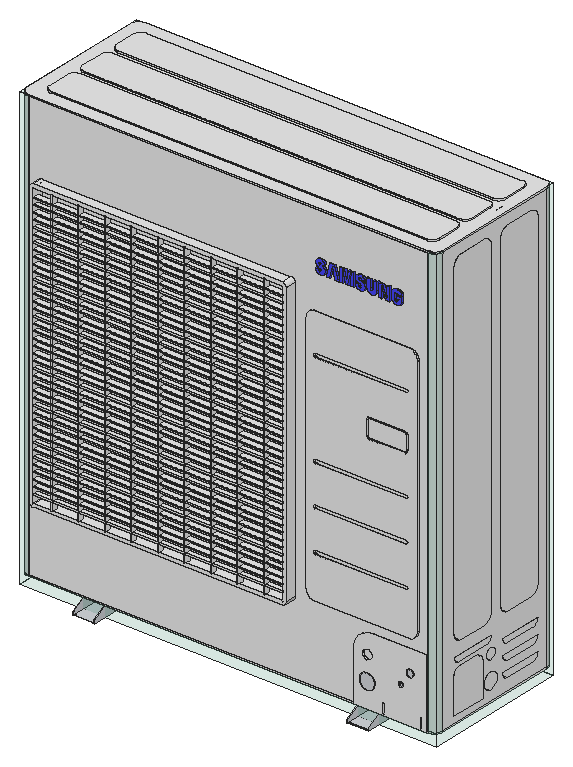
Revit family "EU_SINGLE_ODU_UB1_Ver.1.1", category Mechanical Equipment, Revit 2016
Family settings
  Part Type = Normal
  Round Connector Dimension = Use Radius
  Work Plane-Based = No
  Always vertical = Yes
  Cut with Voids When Loaded = No
  Shared = No
  Room Calculation Point = No
Parameters (values of type "Single Heat Pump, 10.0kW, 380-415, R32, AC100RNTDKG/EU")
  Water Flow Rate(HEATING) [instance] = ""
  Water Flow Rate(COOLING) [instance] = ""
  Water Connection Radius [instance] = ""
  Voltage [instance] = "220 V"
  URL = "www.samsung.com"
  Total Heating Capacity [instance] = 10.8 kW
  Total Cooling Capacity [instance] = 9.5 kW
  System Served = "-"
  Subscribe for Update Alerts = "-"
  Sound Pressure(Cooling) [instance] = "52.00 dB(A)"
  Sound Power(Cooling) [instance] = "69.00 dB(A)"
  Simultaneous Cooling and Heating Efficiency(SCOP) [instance] = "4.0 SCOP"
  Serial Number = "-"
  Sales Rep Locator = "-"
  Refrigerant Type = "R57"
  Refrigerant Suction Gas Connection Radius [instance] = Refrigerant Suction Gas Connection Diameter / 2  # 7.94 mm
  Refrigerant Suction Gas Connection Offset Left [instance] = 57.718 mm
  Refrigerant Suction Gas Connection Offset Bottom [instance] = 107.236 mm
  Refrigerant Suction Gas Connection Diameter [instance] = 15.88 mm
  Refrigerant Liquid Connection Radius [instance] = Refrigerant Liquid Connection Diameter / 2  # 4.76 mm
  Refrigerant Liquid Connection Offset Left [instance] = 78.473 mm
  Refrigerant Liquid Connection Offset Bottom [instance] = 77.701 mm
  Refrigerant Liquid Connection Diameter [instance] = 9.52 mm
  Refrigerant High Pressure Gas Connection Radius [instance] = Refrigerant High Pressure Gas Connection Diameter / 2  # 0.00 mm
  Refrigerant High Pressure Gas Connection Offset Bottom [instance] = 0.00 mm
  Refrigerant High Pressure Gas Connection Left [instance] = 0.00 mm
  Refrigerant High Pressure Gas Connection Diameter [instance] = 0.00 mm
  Refrigerant Charge [instance] = 2.70 kg
  Product Page URL = "-"
  Product Name [instance] = "Single"
  Product Documentation Link = "-"
  Power Input Heationg [instance] = 3.62 kW
  Power Input Cooling [instance] = 3.62 kW
  Power Connection Offset Left [instance] = 154.432 mm
  Power Connection Offset Bottom [instance] = 57.196 mm
  Phase [instance] = 1
  Operating Mode [instance] = "Heat Pump"
  Number of poles [instance] = "-"
  Notes = "-"
  Net Weight = 72.00 kg
  Net Dimensions Width [instance] = 940.00 mm
  Net Dimensions Height [instance] = 998.00 mm
  Net Dimensions Depth [instance] = 330.00 mm
  Model/Referance Indoor Unit [instance] = "AC100RNTDKG/EU"
  Model = "AC100RXADNG/EU"
  Minimum Circuit Ampere(MCA) [instance] = 17.7 A
  Maximum Vertical Refrigerant Pipe Length Below Unit [instance] = 30.00 mm
  Maximum Vertical Refrigerant Pipe Length Above Unit [instance] = 30.00 mm
  Maximum Rated Over Protection Device [instance] = "Fuse"
  Maximum Over Protection(MFA) [instance] = 17.7 A
  Max OperationPressure [instance] = ""
  Manufacturer Metadata = "-"
  Manufacturer = "SAMSUNG"
  Low Temperature Heating Standard Rating Capacity [instance] = 0 kW
  Low Temperature Coefficient of Performance [instance] = "-"
  Location = "-"
  Length of Interconnecting Refrigerant Pipe [instance] = 0.00 mm
  Integrated Energy Efficiency Ratio(SEER) [instance] = "5.9 SEER"
  High Temperature Cooling Standard Rating Capacity [instance] = 0 kW
  High Temperature Coefficient of Performance [instance] = "-"
  Friction Head Loss [instance] = ""
  Frequency [instance] = "50 Hz"
  Free Content Downloads = "-"
  Fan Grill Length = 580.00 mm
  Fan Grill Height = 653.882 mm
  Family Load Status [instance] = "Valid - Type loaded via type catalog"
  External Static Pressure [instance] = "0.00 mmAq"
  Equipment Finish [instance] = Earth brown
  Energy Efficiency Rating [instance] = "2.62 EER"
  Discharge Air Flow [instance] = "72.00 CMM"
  Designation = ""
  Design Ambient Winter Wet Bulb Temperature [instance] = 6 °C
  Design Ambient Winter Dry Bulb Temperature [instance] = 7 °C
  Design Ambient Summer Dry Bulb Temperature [instance] = 35 °C
  Current Input Heating [instance] = 5.7 A
  Current Input Cooling [instance] = 5.7 A
  Condenser Type [instance] = ""
  Compressor Type [instance] = "Twin BLDC Rotary"
  Combination Ratio [instance] = "0 %"
  Coefficient of Performance [instance] = "2.98 COP"
  Clearance Value Instructions [instance] = "Enter clearance values based on project installation conditions using the relevant technical data book"
  Clearance Type [instance] = Include Clearance : Include Clearance
  Clearance Offset Top [instance] = 0.00 mm
  Clearance Offset Right [instance] = 0.00 mm
  Clearance Offset Left [instance] = 0.00 mm
  Clearance Offset Front [instance] = 0.00 mm
  Clearance Offset Back [instance] = 0.00 mm
  Actual Vertical Refrigerant Pipe Length Below Unit [instance] = 0.00 mm
  Actual Vertical Refrigerant Pipe Length Above Unit [instance] = 0.00 mm
Reference planes
  plane 1 "Center (Front/Back)": y = 0
  plane 2 "base": z = 0
  plane 3 "Center (Left/Right)": x = 0
  plane 4: x = -470
  plane 5: x = 470
  plane 6: y = 165
  plane 7: y = -165
  plane 8: z = 998
  plane 9: z = 24.304
  plane 10: x = -429.611
  plane 11: z = 184.256
  plane 12: z = 838.138
  plane 13: x = 150.389
  plane 14: x = -139.611
  plane 15: z = 511.197
  plane 16: x = 315.5
  plane 17: z = 81.5
  plane 18: x = 391.527
  plane 19: z = 102.005
  plane 20: x = 412.282
  plane 21: z = 131.54
  plane 22: y = 64.174
  plane 23: y = 129.945
  plane 24: x = -140.14
  plane 25: y = 129.945
  plane 26: x = 77.697
  plane 27: x = 450.95
  plane 28: x = -450.95
  plane 29: y = 145.95
  plane 30: y = -145.95
Forms (mm)
  Extrusion 1, solid
    sketch origin (0, 0, 0) x (1, 0, 0) y (0, 0, 1)
      loop
        circle (315.473, 81.5) r 17.25
    from 167.581 to 0
  Extrusion 2, solid
    sketch origin (0, 0, 0) x (1, 0, 0) y (0, 0, 1)
      loop
        circle (391.527, 102.005) r 4.76
    from 167.581 to 0
  Extrusion 3, solid
    sketch origin (0, 0, 0) x (1, 0, 0) y (0, 0, 1)
      loop
        circle (412.282, 131.54) r 7.94
    from 167.581 to 0
  Extrusion 4, solid, material "Ivory"
    sketch origin (0, -180, 0) x (-1, 0, 0) y (0, 0, 1)
      loop
        arc (-404.473, 705.26) -> (-408.968, 700.765) -> (-404.473, 696.27) r 4.495
        line (-404.473, 696.27) -> (-200.2, 696.27)
        arc (-200.2, 696.27) -> (-195.705, 700.765) -> (-200.2, 705.26) r 4.495
        line (-200.2, 705.26) -> (-404.473, 705.26)
      loop
        arc (-404.473, 490.23) -> (-408.968, 485.735) -> (-404.473, 481.24) r 4.495
        line (-404.473, 481.24) -> (-200.2, 481.24)
        arc (-200.2, 481.24) -> (-195.705, 485.735) -> (-200.2, 490.23) r 4.495
        line (-200.2, 490.23) -> (-404.473, 490.23)
      loop
        arc (-404.473, 398.24) -> (-408.968, 393.745) -> (-404.473, 389.251) r 4.495
        line (-404.473, 389.251) -> (-200.2, 389.251)
        arc (-200.2, 389.251) -> (-195.705, 393.745) -> (-200.2, 398.24) r 4.495
        line (-200.2, 398.24) -> (-404.473, 398.24)
      loop
        arc (-404.473, 306.251) -> (-408.968, 301.756) -> (-404.473, 297.261) r 4.495
        line (-404.473, 297.261) -> (-200.2, 297.261)
        arc (-200.2, 297.261) -> (-195.705, 301.756) -> (-200.2, 306.251) r 4.495
        line (-200.2, 306.251) -> (-404.473, 306.251)
      loop
        line (-322.243, 618.283) -> (-402.197, 618.283)
        arc (-402.197, 618.283) -> (-406.985, 616.3) -> (-408.968, 611.513) r 6.77
        line (-408.968, 611.513) -> (-408.968, 580.09)
        arc (-408.968, 580.09) -> (-406.967, 575.261) -> (-402.137, 573.26) r 6.83
        line (-402.137, 573.26) -> (-322.17, 573.26)
        arc (-322.17, 573.26) -> (-317.47, 575.207) -> (-315.523, 579.907) r 6.647
        line (-315.523, 579.907) -> (-315.523, 611.563)
        arc (-315.523, 611.563) -> (-317.491, 616.315) -> (-322.243, 618.283) r 6.72
      loop
        arc (-402.197, 614.5) -> (-404.319, 613.621) -> (-405.197, 611.5) r 3
        line (-405.197, 611.5) -> (-405.197, 580)
        arc (-405.197, 580) -> (-404.319, 577.879) -> (-402.197, 577) r 3
        line (-402.197, 577) -> (-322.224, 577)
        arc (-322.224, 577) -> (-320.103, 577.879) -> (-319.224, 580) r 3
        line (-319.224, 580) -> (-319.224, 611.5)
        arc (-319.224, 611.5) -> (-320.103, 613.621) -> (-322.224, 614.5) r 3
        line (-322.224, 614.5) -> (-402.197, 614.5)
      loop
        arc (-409.973, 789.17) -> (-424.277, 783.245) -> (-430.202, 768.941) r 20.229
        line (-430.202, 768.941) -> (-430.202, 222.831)
        arc (-430.202, 222.831) -> (-424.277, 208.527) -> (-409.973, 202.602) r 20.229
        line (-409.973, 202.602) -> (-197.7, 202.602)
        arc (-197.7, 202.602) -> (-183.71, 208.396) -> (-177.915, 222.386) r 19.785
        line (-177.915, 222.386) -> (-177.915, 769.386)
        arc (-177.915, 769.386) -> (-183.71, 783.376) -> (-197.7, 789.17) r 19.785
        line (-197.7, 789.17) -> (-409.973, 789.17)
    from 12.419 to 15
  Extrusion 5, solid
    sketch origin (0, 0, 0) x (0, 1, 0) y (0, 0, 1)
      loop
        line (-192.236, 0) -> (192.236, 0) -> (192.236, 6.35) -> (158.469, 24.304) -> (-158.469, 24.304) -> (-192.236, 6.35) -> (-192.236, 0)
    from 339.973 to 338.373
  Extrusion 6, solid
    sketch origin (-48.4, 0, 0) x (0, 1, 0) y (0, 0, 1)
      loop
        line (-192.236, 0) -> (192.236, 0) -> (192.236, 6.35) -> (158.469, 24.304) -> (-158.469, 24.304) -> (-192.236, 6.35) -> (-192.236, 0)
    from 339.973 to 338.373
  Extrusion 7, solid
    sketch origin (0, 0, 0) x (1, 0, 0) y (0, 1, 0)
      loop
        line (291.573, -192.236) -> (338.373, -192.236) -> (338.373, 192.236) -> (291.573, 192.236) -> (291.573, -192.236)
    from 1.6 to 0
  Extrusion 8, solid, material "Ivory"
    sketch origin (0, 0, 0) x (1, 0, 0) y (0, 1, 0)
      loop
        arc (-439.786, 68.327) -> (-435.071, 56.943) -> (-423.687, 52.227) r 16.1
        line (-423.687, 52.227) -> (423.687, 52.227)
        arc (423.687, 52.227) -> (435.071, 56.943) -> (439.786, 68.327) r 16.1
        line (439.786, 68.327) -> (439.786, 118.408)
        arc (439.786, 118.408) -> (435.071, 129.793) -> (423.687, 134.508) r 16.1
        line (423.687, 134.508) -> (-423.687, 134.508)
        arc (-423.687, 134.508) -> (-435.071, 129.793) -> (-439.786, 118.408) r 16.1
        line (-439.786, 118.408) -> (-439.786, 68.327)
      loop
        arc (-439.786, -25.401) -> (-435.071, -36.786) -> (-423.687, -41.501) r 16.1
        line (-423.687, -41.501) -> (423.687, -41.501)
        arc (423.687, -41.501) -> (435.071, -36.786) -> (439.786, -25.401) r 16.1
        line (439.786, -25.401) -> (439.786, 24.653)
        arc (439.786, 24.653) -> (435.071, 36.037) -> (423.687, 40.753) r 16.1
        line (423.687, 40.753) -> (-423.687, 40.753)
        arc (-423.687, 40.753) -> (-435.071, 36.037) -> (-439.786, 24.653) r 16.1
        line (-439.786, 24.653) -> (-439.786, -25.401)
      loop
        arc (-439.786, -119.157) -> (-435.071, -130.541) -> (-423.687, -135.256) r 16.1
        line (-423.687, -135.256) -> (423.687, -135.256)
        arc (423.687, -135.256) -> (435.071, -130.541) -> (439.786, -119.157) r 16.1
        line (439.786, -119.157) -> (439.786, -69.075)
        arc (439.786, -69.075) -> (435.071, -57.691) -> (423.687, -52.975) r 16.1
        line (423.687, -52.975) -> (-423.687, -52.975)
        arc (-423.687, -52.975) -> (-435.071, -57.691) -> (-439.786, -69.075) r 16.1
        line (-439.786, -69.075) -> (-439.786, -119.157)
    from 1000.3 to 998
  Extrusion 9, solid, material "Ivory"
    sketch origin (0, 0, 0) x (1, 0, 0) y (0, 1, 0)
      loop
        line (-450.95, 145.95) -> (-450.95, 165)
        arc (-450.95, 165) -> (-464.42, 159.42) -> (-470, 145.95) r 19.05
        line (-470, 145.95) -> (-450.95, 145.95)
      loop
        line (450.95, 145.95) -> (470, 145.95)
        arc (470, 145.95) -> (464.42, 159.42) -> (450.95, 165) r 19.05
        line (450.95, 165) -> (450.95, 145.95)
      loop
        line (-450.95, -145.95) -> (-470, -145.95)
        arc (-470, -145.95) -> (-464.42, -159.42) -> (-450.95, -165) r 19.05
        line (-450.95, -165) -> (-450.95, -145.95)
      loop
        line (450.95, -145.95) -> (450.95, -165)
        arc (450.95, -165) -> (464.42, -159.42) -> (470, -145.95) r 19.05
        line (470, -145.95) -> (450.95, -145.95)
    from 995.46 to 26.844
  Extrusion 10, solid
    sketch origin (-620, 0, 0) x (0, 1, 0) y (0, 0, 1)
      loop
        line (-192.236, 0) -> (192.236, 0) -> (192.236, 6.35) -> (158.469, 24.304) -> (-158.469, 24.304) -> (-192.236, 6.35) -> (-192.236, 0)
    from 340.027 to 338.427
  Extrusion 11, solid
    sketch origin (-668.4, 0, 0) x (0, 1, 0) y (0, 0, 1)
      loop
        line (-192.236, 0) -> (192.236, 0) -> (192.236, 6.35) -> (158.469, 24.304) -> (-158.469, 24.304) -> (-192.236, 6.35) -> (-192.236, 0)
    from 340.027 to 338.427
  Extrusion 12, solid
    sketch origin (-620, 0, 0) x (1, 0, 0) y (0, 1, 0)
      loop
        line (291.627, -192.236) -> (338.427, -192.236) -> (338.427, 192.236) -> (291.627, 192.236) -> (291.627, -192.236)
    from 1.6 to 0
  Extrusion 13, solid, material "Ivory"
    sketch origin (0, 0, 0) x (1, 0, 0) y (0, 1, 0)
      loop
        arc (470, 145.95) -> (464.42, 159.42) -> (450.95, 165) r 19.05
        line (450.95, 165) -> (-450.95, 165)
        arc (-450.95, 165) -> (-464.42, 159.42) -> (-470, 145.95) r 19.05
        line (-470, 145.95) -> (-470, -145.95)
        arc (-470, -145.95) -> (-464.42, -159.42) -> (-450.95, -165) r 19.05
        line (-450.95, -165) -> (450.95, -165)
        arc (450.95, -165) -> (464.42, -159.42) -> (470, -145.95) r 19.05
        line (470, -145.95) -> (470, 145.95)
    from 24.304 to 26.844
  Extrusion 14, solid, material "Ivory"
    sketch origin (0, 0, 0) x (1, 0, 0) y (0, 1, 0)
      loop
        arc (470, 145.95) -> (464.42, 159.42) -> (450.95, 165) r 19.05
        line (450.95, 165) -> (-450.95, 165)
        arc (-450.95, 165) -> (-464.42, 159.42) -> (-470, 145.95) r 19.05
        line (-470, 145.95) -> (-470, -145.95)
        arc (-470, -145.95) -> (-464.42, -159.42) -> (-450.95, -165) r 19.05
        line (-450.95, -165) -> (450.95, -165)
        arc (450.95, -165) -> (464.42, -159.42) -> (470, -145.95) r 19.05
        line (470, -145.95) -> (470, 145.95)
    from 995.46 to 998
  Extrusion 15, solid, material "Body2"
    sketch origin (0, 0, 0) x (1, 0, 0) y (0, 1, 0)
      loop
        arc (-349.35, 145.95) -> (-421.192, 116.192) -> (-450.95, 44.35) r 101.6
        line (-450.95, 44.35) -> (-450.95, -44.35)
        arc (-450.95, -44.35) -> (-421.192, -116.192) -> (-349.35, -145.95) r 101.6
        line (-349.35, -145.95) -> (349.35, -145.95)
        arc (349.35, -145.95) -> (421.192, -116.192) -> (450.95, -44.35) r 101.6
        line (450.95, -44.35) -> (450.95, 44.35)
        arc (450.95, 44.35) -> (421.192, 116.192) -> (349.35, 145.95) r 101.6
        line (349.35, 145.95) -> (-349.35, 145.95)
    from 995.46 to 26.844
  Extrusion 16, solid, material "Ivory"
    sketch origin (0, 0, 0) x (1, 0, 0) y (0, 1, 0)
      loop
        line (-450.95, -165) -> (450.95, -165) -> (450.95, -159.078) -> (-450.95, -159.078) -> (-450.95, -165)
    from 995.46 to 26.844
  Extrusion 17, solid, material "Ivory"
    sketch origin (0, 324.024, 0) x (1, 0, 0) y (0, 1, 0)
      loop
        line (-450.95, -164.946) -> (-390.388, -164.946) -> (-390.388, -159.024) -> (-450.95, -159.024) -> (-450.95, -164.946)
      loop
        line (450.95, -159.024) -> (281.95, -159.024) -> (281.95, -164.946) -> (450.95, -164.946) -> (450.95, -159.024)
    from 995.46 to 26.844
  Extrusion 18, solid, material "Ivory"
    sketch origin (0, 0, 0) x (1, 0, 0) y (0, 1, 0)
      loop
        line (470, 145.95) -> (464.356, 145.95) -> (464.356, -145.95) -> (470, -145.95) -> (470, 145.95)
    from 995.46 to 26.844
  Extrusion 19, solid, material "Ivory"
    sketch origin (0, 0, 0) x (0, 1, 0) y (0, 0, 1)
      loop
        arc (20.26, 140.55) -> (24.145, 131.169) -> (33.526, 127.284) r 13.265
        line (33.526, 127.284) -> (103.522, 127.284)
        arc (103.522, 127.284) -> (112.904, 131.169) -> (116.791, 140.55) r 13.269
        line (116.791, 140.55) -> (20.26, 140.55)
      loop
        arc (20.26, 105.55) -> (24.145, 96.169) -> (33.526, 92.284) r 13.265
        line (33.526, 92.284) -> (103.522, 92.284)
        arc (103.522, 92.284) -> (112.904, 96.169) -> (116.791, 105.55) r 13.269
        line (116.791, 105.55) -> (20.26, 105.55)
      loop
        arc (20.26, 70.55) -> (24.145, 61.169) -> (33.526, 57.284) r 13.265
        line (33.526, 57.284) -> (103.522, 57.284)
        arc (103.522, 57.284) -> (112.904, 61.169) -> (116.791, 70.55) r 13.269
        line (116.791, 70.55) -> (20.26, 70.55)
      loop
        arc (-116.057, 162.05) -> (-112.172, 152.669) -> (-102.791, 148.784) r 13.265
        line (-102.791, 148.784) -> (-27.768, 148.784)
        arc (-27.768, 148.784) -> (-18.386, 152.669) -> (-14.499, 162.05) r 13.269
        line (-14.499, 162.05) -> (-116.057, 162.05)
      loop
        arc (-102.791, 139.45) -> (-113.398, 135.057) -> (-117.791, 124.45) r 15
        line (-117.791, 124.45) -> (-117.791, 44.45) -> (-37.772, 44.45) -> (-37.772, 119.45)
        arc (-37.772, 119.45) -> (-43.629, 133.592) -> (-57.772, 139.45) r 20
        line (-57.772, 139.45) -> (-102.791, 139.45)
      loop
        circle (-14.764, 125.55) r 11.1
      loop
        circle (-14.764, 70.55) r 17.269
      loop
        line (-97.562, 191.207) -> (-34.235, 191.207)
        arc (-34.235, 191.207) -> (-19.931, 197.132) -> (-14.006, 211.436) r 20.229
        line (-14.006, 211.436) -> (-14.006, 950.993)
        arc (-14.006, 950.993) -> (-19.931, 965.297) -> (-34.235, 971.222) r 20.229
        line (-34.235, 971.222) -> (-97.562, 971.222)
        arc (-97.562, 971.222) -> (-111.866, 965.297) -> (-117.791, 950.993) r 20.229
        line (-117.791, 950.993) -> (-117.791, 211.436)
        arc (-117.791, 211.436) -> (-111.866, 197.132) -> (-97.562, 191.207) r 20.229
      loop
        line (34.199, 191.207) -> (97.526, 191.207)
        arc (97.526, 191.207) -> (111.83, 197.132) -> (117.755, 211.436) r 20.229
        line (117.755, 211.436) -> (117.755, 950.966)
        arc (117.755, 950.966) -> (111.823, 965.29) -> (97.499, 971.222) r 20.256
        line (97.499, 971.222) -> (34.199, 971.222)
        arc (34.199, 971.222) -> (19.895, 965.297) -> (13.97, 950.993) r 20.229
        line (13.97, 950.993) -> (13.97, 211.436)
        arc (13.97, 211.436) -> (19.895, 197.132) -> (34.199, 191.207) r 20.229
    from 472.54 to 470
  Extrusion 20, solid, material "Ivory"
    sketch origin (0, 0, 0) x (0, 1, 0) y (0, 0, 1)
      loop
        line (145.95, 995.46) -> (-145.95, 995.46) -> (-145.95, 26.844) -> (145.95, 26.844) -> (145.95, 995.46)
      loop
        arc (39.564, 982.703) -> (32.118, 979.619) -> (29.034, 972.174) r 10.53
        line (29.034, 972.174) -> (29.034, 943.362)
        arc (29.034, 943.362) -> (32.118, 935.917) -> (39.564, 932.833) r 10.53
        line (39.564, 932.833) -> (122.111, 932.833)
        arc (122.111, 932.833) -> (129.557, 935.917) -> (132.641, 943.362) r 10.53
        line (132.641, 943.362) -> (132.641, 972.174)
        arc (132.641, 972.174) -> (129.557, 979.619) -> (122.111, 982.703) r 10.53
        line (122.111, 982.703) -> (39.564, 982.703)
      loop
        arc (-78.97, 982.703) -> (-86.415, 979.619) -> (-89.499, 972.174) r 10.53
        line (-89.499, 972.174) -> (-89.499, 943.362)
        arc (-89.499, 943.362) -> (-86.415, 935.917) -> (-78.97, 932.833) r 10.53
        line (-78.97, 932.833) -> (3.605, 932.833)
        arc (3.605, 932.833) -> (11.05, 935.917) -> (14.134, 943.362) r 10.53
        line (14.134, 943.362) -> (14.134, 972.174)
        arc (14.134, 972.174) -> (11.05, 979.619) -> (3.605, 982.703) r 10.53
        line (3.605, 982.703) -> (-78.97, 982.703)
      loop
        arc (39.564, 917.933) -> (32.118, 914.849) -> (29.034, 907.403) r 10.53
        line (29.034, 907.403) -> (29.034, 868.861)
        arc (29.034, 868.861) -> (32.118, 861.416) -> (39.564, 858.332) r 10.53
        line (39.564, 858.332) -> (122.111, 858.332)
        arc (122.111, 858.332) -> (129.557, 861.416) -> (132.641, 868.861) r 10.53
        line (132.641, 868.861) -> (132.641, 907.403)
        arc (132.641, 907.403) -> (129.557, 914.849) -> (122.111, 917.933) r 10.53
        line (122.111, 917.933) -> (39.564, 917.933)
      loop
        arc (-78.97, 917.933) -> (-86.415, 914.849) -> (-89.499, 907.403) r 10.53
        line (-89.499, 907.403) -> (-89.499, 868.861)
        arc (-89.499, 868.861) -> (-86.415, 861.416) -> (-78.97, 858.332) r 10.53
        line (-78.97, 858.332) -> (3.605, 858.332)
        arc (3.605, 858.332) -> (11.05, 861.416) -> (14.134, 868.861) r 10.53
        line (14.134, 868.861) -> (14.134, 907.403)
        arc (14.134, 907.403) -> (11.05, 914.849) -> (3.605, 917.933) r 10.53
        line (3.605, 917.933) -> (-78.97, 917.933)
      loop
        arc (39.564, 843.431) -> (32.118, 840.347) -> (29.034, 832.902) r 10.53
        line (29.034, 832.902) -> (29.034, 794.36)
        arc (29.034, 794.36) -> (32.118, 786.914) -> (39.564, 783.83) r 10.53
        line (39.564, 783.83) -> (122.111, 783.83)
        arc (122.111, 783.83) -> (129.557, 786.914) -> (132.641, 794.36) r 10.53
        line (132.641, 794.36) -> (132.641, 832.902)
        arc (132.641, 832.902) -> (129.557, 840.347) -> (122.111, 843.431) r 10.53
        line (122.111, 843.431) -> (39.564, 843.431)
      loop
        arc (-78.97, 843.431) -> (-86.415, 840.347) -> (-89.499, 832.902) r 10.53
        line (-89.499, 832.902) -> (-89.499, 794.36)
        arc (-89.499, 794.36) -> (-86.415, 786.914) -> (-78.97, 783.83) r 10.53
        line (-78.97, 783.83) -> (3.605, 783.83)
        arc (3.605, 783.83) -> (11.05, 786.914) -> (14.134, 794.36) r 10.53
        line (14.134, 794.36) -> (14.134, 832.902)
        arc (14.134, 832.902) -> (11.05, 840.347) -> (3.605, 843.431) r 10.53
        line (3.605, 843.431) -> (-78.97, 843.431)
      loop
        arc (39.564, 768.93) -> (32.118, 765.846) -> (29.034, 758.401) r 10.53
        line (29.034, 758.401) -> (29.034, 719.859)
        arc (29.034, 719.859) -> (32.118, 712.413) -> (39.564, 709.329) r 10.53
        line (39.564, 709.329) -> (122.111, 709.329)
        arc (122.111, 709.329) -> (129.557, 712.413) -> (132.641, 719.859) r 10.53
        line (132.641, 719.859) -> (132.641, 758.401)
        arc (132.641, 758.401) -> (129.557, 765.846) -> (122.111, 768.93) r 10.53
        line (122.111, 768.93) -> (39.564, 768.93)
      loop
        arc (-78.97, 768.93) -> (-86.415, 765.846) -> (-89.499, 758.401) r 10.53
        line (-89.499, 758.401) -> (-89.499, 719.859)
        arc (-89.499, 719.859) -> (-86.415, 712.413) -> (-78.97, 709.329) r 10.53
        line (-78.97, 709.329) -> (3.605, 709.329)
        arc (3.605, 709.329) -> (11.05, 712.413) -> (14.134, 719.859) r 10.53
        line (14.134, 719.859) -> (14.134, 758.401)
        arc (14.134, 758.401) -> (11.05, 765.846) -> (3.605, 768.93) r 10.53
        line (3.605, 768.93) -> (-78.97, 768.93)
      loop
        arc (39.564, 694.429) -> (32.118, 691.345) -> (29.034, 683.899) r 10.53
        line (29.034, 683.899) -> (29.034, 645.357)
        arc (29.034, 645.357) -> (32.118, 637.912) -> (39.564, 634.828) r 10.53
        line (39.564, 634.828) -> (122.111, 634.828)
        arc (122.111, 634.828) -> (129.557, 637.912) -> (132.641, 645.357) r 10.53
        line (132.641, 645.357) -> (132.641, 683.899)
        arc (132.641, 683.899) -> (129.557, 691.345) -> (122.111, 694.429) r 10.53
        line (122.111, 694.429) -> (39.564, 694.429)
      loop
        arc (-78.97, 694.429) -> (-86.415, 691.345) -> (-89.499, 683.899) r 10.53
        line (-89.499, 683.899) -> (-89.499, 645.357)
        arc (-89.499, 645.357) -> (-86.415, 637.912) -> (-78.97, 634.828) r 10.53
        line (-78.97, 634.828) -> (3.605, 634.828)
        arc (3.605, 634.828) -> (11.05, 637.912) -> (14.134, 645.357) r 10.53
        line (14.134, 645.357) -> (14.134, 683.899)
        arc (14.134, 683.899) -> (11.05, 691.345) -> (3.605, 694.429) r 10.53
        line (3.605, 694.429) -> (-78.97, 694.429)
      loop
        arc (39.564, 619.927) -> (32.118, 616.843) -> (29.034, 609.398) r 10.53
        line (29.034, 609.398) -> (29.034, 570.856)
        arc (29.034, 570.856) -> (32.118, 563.41) -> (39.564, 560.326) r 10.53
        line (39.564, 560.326) -> (122.111, 560.326)
        arc (122.111, 560.326) -> (129.557, 563.41) -> (132.641, 570.856) r 10.53
        line (132.641, 570.856) -> (132.641, 609.398)
        arc (132.641, 609.398) -> (129.557, 616.843) -> (122.111, 619.927) r 10.53
        line (122.111, 619.927) -> (39.564, 619.927)
      loop
        arc (-78.97, 619.927) -> (-86.415, 616.843) -> (-89.499, 609.398) r 10.53
        line (-89.499, 609.398) -> (-89.499, 570.856)
        arc (-89.499, 570.856) -> (-86.415, 563.41) -> (-78.97, 560.326) r 10.53
        line (-78.97, 560.326) -> (3.605, 560.326)
        arc (3.605, 560.326) -> (11.05, 563.41) -> (14.134, 570.856) r 10.53
        line (14.134, 570.856) -> (14.134, 609.398)
        arc (14.134, 609.398) -> (11.05, 616.843) -> (3.605, 619.927) r 10.53
        line (3.605, 619.927) -> (-78.97, 619.927)
      loop
        arc (39.564, 545.426) -> (32.118, 542.342) -> (29.034, 534.897) r 10.53
        line (29.034, 534.897) -> (29.034, 496.355)
        arc (29.034, 496.355) -> (32.118, 488.909) -> (39.564, 485.825) r 10.53
        line (39.564, 485.825) -> (122.111, 485.825)
        arc (122.111, 485.825) -> (129.557, 488.909) -> (132.641, 496.355) r 10.53
        line (132.641, 496.355) -> (132.641, 534.897)
        arc (132.641, 534.897) -> (129.557, 542.342) -> (122.111, 545.426) r 10.53
        line (122.111, 545.426) -> (39.564, 545.426)
      loop
        arc (-78.97, 545.426) -> (-86.415, 542.342) -> (-89.499, 534.897) r 10.53
        line (-89.499, 534.897) -> (-89.499, 496.355)
        arc (-89.499, 496.355) -> (-86.415, 488.909) -> (-78.97, 485.825) r 10.53
        line (-78.97, 485.825) -> (3.605, 485.825)
        arc (3.605, 485.825) -> (11.05, 488.909) -> (14.134, 496.355) r 10.53
        line (14.134, 496.355) -> (14.134, 534.897)
        arc (14.134, 534.897) -> (11.05, 542.342) -> (3.605, 545.426) r 10.53
        line (3.605, 545.426) -> (-78.97, 545.426)
      loop
        arc (39.564, 470.925) -> (32.118, 467.841) -> (29.034, 460.395) r 10.53
        line (29.034, 460.395) -> (29.034, 421.853)
        arc (29.034, 421.853) -> (32.118, 414.408) -> (39.564, 411.324) r 10.53
        line (39.564, 411.324) -> (122.111, 411.324)
        arc (122.111, 411.324) -> (129.557, 414.408) -> (132.641, 421.853) r 10.53
        line (132.641, 421.853) -> (132.641, 460.395)
        arc (132.641, 460.395) -> (129.557, 467.841) -> (122.111, 470.925) r 10.53
        line (122.111, 470.925) -> (39.564, 470.925)
      loop
        arc (-78.97, 470.925) -> (-86.415, 467.841) -> (-89.499, 460.395) r 10.53
        line (-89.499, 460.395) -> (-89.499, 421.853)
        arc (-89.499, 421.853) -> (-86.415, 414.408) -> (-78.97, 411.324) r 10.53
        line (-78.97, 411.324) -> (3.605, 411.324)
        arc (3.605, 411.324) -> (11.05, 414.408) -> (14.134, 421.853) r 10.53
        line (14.134, 421.853) -> (14.134, 460.395)
        arc (14.134, 460.395) -> (11.05, 467.841) -> (3.605, 470.925) r 10.53
        line (3.605, 470.925) -> (-78.97, 470.925)
      loop
        arc (39.564, 396.424) -> (32.118, 393.34) -> (29.034, 385.894) r 10.53
        line (29.034, 385.894) -> (29.034, 347.352)
        arc (29.034, 347.352) -> (32.118, 339.907) -> (39.564, 336.823) r 10.53
        line (39.564, 336.823) -> (122.111, 336.823)
        arc (122.111, 336.823) -> (129.557, 339.907) -> (132.641, 347.352) r 10.53
        line (132.641, 347.352) -> (132.641, 385.894)
        arc (132.641, 385.894) -> (129.557, 393.34) -> (122.111, 396.424) r 10.53
        line (122.111, 396.424) -> (39.564, 396.424)
      loop
        arc (-78.97, 396.424) -> (-86.415, 393.34) -> (-89.499, 385.894) r 10.53
        line (-89.499, 385.894) -> (-89.499, 347.352)
        arc (-89.499, 347.352) -> (-86.415, 339.907) -> (-78.97, 336.823) r 10.53
        line (-78.97, 336.823) -> (3.605, 336.823)
        arc (3.605, 336.823) -> (11.05, 339.907) -> (14.134, 347.352) r 10.53
        line (14.134, 347.352) -> (14.134, 385.894)
        arc (14.134, 385.894) -> (11.05, 393.34) -> (3.605, 396.424) r 10.53
        line (3.605, 396.424) -> (-78.97, 396.424)
      loop
        arc (39.564, 321.922) -> (32.118, 318.838) -> (29.034, 311.393) r 10.53
        line (29.034, 311.393) -> (29.034, 272.851)
        arc (29.034, 272.851) -> (32.118, 265.405) -> (39.564, 262.321) r 10.53
        line (39.564, 262.321) -> (122.111, 262.321)
        arc (122.111, 262.321) -> (129.557, 265.405) -> (132.641, 272.851) r 10.53
        line (132.641, 272.851) -> (132.641, 311.393)
        arc (132.641, 311.393) -> (129.557, 318.838) -> (122.111, 321.922) r 10.53
        line (122.111, 321.922) -> (39.564, 321.922)
      loop
        arc (-78.97, 321.922) -> (-86.415, 318.838) -> (-89.499, 311.393) r 10.53
        line (-89.499, 311.393) -> (-89.499, 272.851)
        arc (-89.499, 272.851) -> (-86.415, 265.405) -> (-78.97, 262.321) r 10.53
        line (-78.97, 262.321) -> (3.605, 262.321)
        arc (3.605, 262.321) -> (11.05, 265.405) -> (14.134, 272.851) r 10.53
        line (14.134, 272.851) -> (14.134, 311.393)
        arc (14.134, 311.393) -> (11.05, 318.838) -> (3.605, 321.922) r 10.53
        line (3.605, 321.922) -> (-78.97, 321.922)
      loop
        arc (39.564, 247.421) -> (32.118, 244.337) -> (29.034, 236.892) r 10.53
        line (29.034, 236.892) -> (29.034, 198.35)
        arc (29.034, 198.35) -> (32.118, 190.904) -> (39.564, 187.82) r 10.53
        line (39.564, 187.82) -> (122.111, 187.82)
        arc (122.111, 187.82) -> (129.557, 190.904) -> (132.641, 198.35) r 10.53
        line (132.641, 198.35) -> (132.641, 236.892)
        arc (132.641, 236.892) -> (129.557, 244.337) -> (122.111, 247.421) r 10.53
        line (122.111, 247.421) -> (39.564, 247.421)
      loop
        arc (-78.97, 247.421) -> (-86.415, 244.337) -> (-89.499, 236.892) r 10.53
        line (-89.499, 236.892) -> (-89.499, 198.35)
        arc (-89.499, 198.35) -> (-86.415, 190.904) -> (-78.97, 187.82) r 10.53
        line (-78.97, 187.82) -> (3.605, 187.82)
        arc (3.605, 187.82) -> (11.05, 190.904) -> (14.134, 198.35) r 10.53
        line (14.134, 198.35) -> (14.134, 236.892)
        arc (14.134, 236.892) -> (11.05, 244.337) -> (3.605, 247.421) r 10.53
        line (3.605, 247.421) -> (-78.97, 247.421)
      loop
        arc (39.564, 172.92) -> (32.118, 169.836) -> (29.034, 162.39) r 10.53
        line (29.034, 162.39) -> (29.034, 123.848)
        arc (29.034, 123.848) -> (32.118, 116.403) -> (39.564, 113.319) r 10.53
        line (39.564, 113.319) -> (122.111, 113.319)
        arc (122.111, 113.319) -> (129.557, 116.403) -> (132.641, 123.848) r 10.53
        line (132.641, 123.848) -> (132.641, 162.39)
        arc (132.641, 162.39) -> (129.557, 169.836) -> (122.111, 172.92) r 10.53
        line (122.111, 172.92) -> (39.564, 172.92)
      loop
        arc (-78.97, 172.92) -> (-86.415, 169.836) -> (-89.499, 162.39) r 10.53
        line (-89.499, 162.39) -> (-89.499, 123.848)
        arc (-89.499, 123.848) -> (-86.415, 116.403) -> (-78.97, 113.319) r 10.53
        line (-78.97, 113.319) -> (3.605, 113.319)
        arc (3.605, 113.319) -> (11.05, 116.403) -> (14.134, 123.848) r 10.53
        line (14.134, 123.848) -> (14.134, 162.39)
        arc (14.134, 162.39) -> (11.05, 169.836) -> (3.605, 172.92) r 10.53
        line (3.605, 172.92) -> (-78.97, 172.92)
      loop
        arc (39.564, 98.045) -> (32.118, 94.961) -> (29.034, 87.516) r 10.53
        line (29.034, 87.516) -> (29.034, 48.974)
        arc (29.034, 48.974) -> (32.118, 41.528) -> (39.564, 38.444) r 10.53
        line (39.564, 38.444) -> (122.111, 38.444)
        arc (122.111, 38.444) -> (129.557, 41.528) -> (132.641, 48.974) r 10.53
        line (132.641, 48.974) -> (132.641, 87.516)
        arc (132.641, 87.516) -> (129.557, 94.961) -> (122.111, 98.045) r 10.53
        line (122.111, 98.045) -> (39.564, 98.045)
      loop
        arc (-78.97, 98.045) -> (-86.415, 94.961) -> (-89.499, 87.516) r 10.53
        line (-89.499, 87.516) -> (-89.499, 48.974)
        arc (-89.499, 48.974) -> (-86.415, 41.528) -> (-78.97, 38.444) r 10.53
        line (-78.97, 38.444) -> (3.605, 38.444)
        arc (3.605, 38.444) -> (11.05, 41.528) -> (14.134, 48.974) r 10.53
        line (14.134, 48.974) -> (14.134, 87.516)
        arc (14.134, 87.516) -> (11.05, 94.961) -> (3.605, 98.045) r 10.53
        line (3.605, 98.045) -> (-78.97, 98.045)
    from -470 to -472.54
Dimensions and locks
  equal spacing: plane 4, plane 3 "Center (Left/Right)", plane 5
  "Net Dimensions Width": plane 4 to plane 5
  equal spacing: plane 6, plane 1 "Center (Front/Back)", plane 7
  "Net Dimensions Depth": plane 6 to plane 7
  locked: plane 9 to plane 2 "base" at 24.304
  "Fan Grill Length": plane 13 to plane 10
  "Fan Grill Height": plane 12 to plane 11
  equal spacing: plane 12, plane 15, plane 11
  equal spacing: plane 13, plane 14, plane 10
  "Power Connection Offset Bottom": plane 17 to plane 9
  "Refrigerant Liquid Connection Offset Bottom": plane 19 to plane 9
  "Refrigerant Liquid Connection Offset Left": plane 5 to plane 18
  "Refrigerant Suction Gas Connection Offset Bottom": plane 21 to plane 9
  "Refrigerant Suction Gas Connection Offset Left": plane 5 to plane 20
  locked: plane 7 to Extrusion 4 at 2.581
  "Net Dimensions Height": plane 8 to level
  Extrusion 8 to Extrusion 9 = 4.84 mm
  locked: Extrusion 13 to plane 9 at 2.54
  locked: plane 8 to Extrusion 14 at 2.54
  locked: plane 27 to plane 5 at 19.05
  locked: plane 4 to plane 28 at 19.05
  locked: plane 6 to plane 29 at 19.05
  locked: plane 30 to plane 7 at 19.05
  locked: plane 6 to Extrusion 8 sketch curve at 30.492
  locked: Extrusion 16 sketch curve to Extrusion 16 sketch curve at 5.922
  locked: Extrusion 17 sketch curve to Extrusion 17 sketch curve at 60.562
  locked: Extrusion 17 sketch curve to Extrusion 17 sketch curve at 169
  locked: Extrusion 17 sketch curve to Extrusion 17 sketch curve at 5.922
  locked: Extrusion 18 sketch curve to Extrusion 18 sketch curve at 5.644
  locked: Extrusion 19 to Extrusion 19 at 2.54
  locked: Extrusion 19 sketch curve to plane 6 at 47.245
  locked: Extrusion 20 to Extrusion 20 at 2.54
  locked: plane 5 to nested 2 at 102.578
  locked: plane 8 to nested 2 at 99.791
  locked: plane 27 to nested 1 at 166.677
  locked: Extrusion 8 to Extrusion 8 at 2.3
  locked: plane 5 to Extrusion 1 sketch curve at 154.527
  locked: Extrusion 11 to plane 4 at 140.027
  locked: Extrusion 11 to Extrusion 11 at 1.6
  locked: Extrusion 10 to Extrusion 11 at 46.8
  locked: Extrusion 10 to Extrusion 10 at 1.6
  locked: plane 5 to Extrusion 5 at 130.027
  locked: Extrusion 5 to Extrusion 5 at 1.6
  locked: Extrusion 6 to Extrusion 5 at 46.8
  locked: Extrusion 6 to Extrusion 6 at 1.6
  locked: plane 28 to Extrusion 8 sketch curve at 11.164  (x3)
  Extrusion 12 to Extrusion 12 = 384.472 mm
  locked: Extrusion 1 sketch curve to Extrusion 1 sketch curve (radius 17.25 mm)
  "Refrigerant Suction Gas Connection Radius": radius of Extrusion 3 sketch curve
  "Refrigerant Liquid Connection Radius": radius of Extrusion 2 sketch curve
  radius of Extrusion 9 sketch curve = 19.05 mm  (x4)
  radius of Extrusion 15 sketch curve = 101.60 mm  (x4)
  radius of Extrusion 8 sketch curve = 16.10 mm  (x6)
  aligned and locked: level to plane 2 "base"
  aligned and locked: plane 7 to Extrusion 4
  aligned and locked: Extrusion 8 sketch curve to Extrusion 8 sketch curve  (x2)
  aligned and locked: Extrusion 13 to plane 9
  aligned and locked: plane 8 to Extrusion 14
  aligned and locked: Extrusion 9 to Extrusion 14
  aligned and locked: plane 28 to Extrusion 9 sketch curve
  aligned and locked: plane 29 to Extrusion 9 sketch curve
  aligned and locked: plane 30 to Extrusion 9 sketch curve
  aligned and locked: Extrusion 9 sketch curve to plane 28
  aligned and locked: Extrusion 9 sketch curve to plane 27
  aligned and locked: Extrusion 9 sketch curve to plane 30
  aligned and locked: plane 27 to Extrusion 9 sketch curve
  aligned and locked: Extrusion 9 sketch curve to plane 29
  aligned and locked: plane 28 to Extrusion 15 sketch curve
  aligned and locked: Extrusion 15 sketch curve to plane 29
  aligned and locked: plane 30 to Extrusion 15 sketch curve
  aligned and locked: Extrusion 15 sketch curve to plane 27
  aligned and locked: Extrusion 15 to Extrusion 13
  aligned and locked: Extrusion 9 to Extrusion 15
  aligned and locked: Extrusion 16 to Extrusion 9
  aligned and locked: plane 28 to Extrusion 16 sketch curve
  aligned and locked: Extrusion 16 sketch curve to plane 27
  aligned and locked: Extrusion 16 sketch curve to plane 7
  aligned and locked: plane 28 to Extrusion 17 sketch curve
  aligned and locked: Extrusion 17 sketch curve to plane 27
  aligned and locked: Extrusion 17 sketch curve to plane 6
  aligned and locked: Extrusion 17 sketch curve to Extrusion 17 sketch curve
  aligned and locked: plane 29 to Extrusion 18 sketch curve
  aligned and locked: plane 5 to Extrusion 18 sketch curve
  aligned and locked: Extrusion 18 sketch curve to plane 30
  aligned and locked: Extrusion 18 to Extrusion 14
  aligned and locked: Extrusion 9 to Extrusion 17
  aligned and locked: Extrusion 17 to Extrusion 13
  aligned and locked: Extrusion 18 to Extrusion 13
  aligned and locked: Extrusion 16 to Extrusion 13
  aligned and locked: Extrusion 19 to plane 5
  aligned and locked: Extrusion 9 to Extrusion 13
  aligned and locked: plane 4 to Extrusion 20
  aligned and locked: Extrusion 20 sketch curve to plane 29
  aligned and locked: plane 30 to Extrusion 20 sketch curve
  aligned and locked: Extrusion 14 to Extrusion 20 sketch curve
  aligned and locked: Extrusion 13 to Extrusion 20 sketch curve
  aligned and locked: nested 3 to plane 14
  aligned and locked: Extrusion 8 to plane 8
  aligned and locked: Extrusion 4 to Extrusion 1
  aligned and locked: Extrusion 1 to Extrusion 2
  aligned and locked: Extrusion 1 to Extrusion 3
  aligned and locked: Extrusion 12 sketch curve to Extrusion 11
  aligned and locked: Extrusion 12 sketch curve to Extrusion 10
  aligned and locked: Extrusion 7 sketch curve to Extrusion 5
  aligned and locked: Extrusion 7 sketch curve to Extrusion 6
  aligned and locked: plane 1 "Center (Front/Back)" to nested 4
  aligned and locked: plane 3 "Center (Left/Right)" to nested 4
  aligned and locked: plane 1 "Center (Front/Back)" to nested 5
  aligned and locked: plane 3 "Center (Left/Right)" to nested 5
Automatic sketch dimensions
  Extrusion 1 sketch curve to plane 17 = 0.00 mm
  Extrusion 2 sketch curve to plane 18 = 0.00 mm
  Extrusion 2 sketch curve to plane 19 = 0.00 mm
  Extrusion 3 sketch curve to plane 20 = 0.00 mm
  Extrusion 3 sketch curve to plane 21 = 0.00 mm
  Extrusion 4 sketch curve to plane 27 = 20.748 mm
  Extrusion 4 sketch curve to Extrusion 4 sketch curve = 20.229 mm  (x2)
  Extrusion 4 sketch curve to plane 11 = 18.346 mm
  Extrusion 4 sketch curve to plane 27 = 41.982 mm
  Extrusion 4 sketch curve to Extrusion 4 sketch curve = 3.77 mm
  Extrusion 4 sketch curve to plane 27 = 46.477 mm  (x4)
  Extrusion 4 sketch curve to Extrusion 4 sketch curve = 3.00 mm  (x2)
  Extrusion 4 sketch curve to Extrusion 4 sketch curve = 0.00 mm
  Extrusion 4 sketch curve to Extrusion 4 sketch curve = 0.06 mm
  plane 16 to Extrusion 4 sketch curve = 6.743 mm
  Extrusion 4 sketch curve to Extrusion 4 sketch curve = 0.018 mm
  plane 16 to Extrusion 4 sketch curve = 6.724 mm
  Extrusion 4 sketch curve to Extrusion 4 sketch curve = 0.054 mm
  Extrusion 4 sketch curve to Extrusion 4 sketch curve = 2.946 mm
  plane 16 to Extrusion 4 sketch curve = 0.023 mm
  plane 13 to Extrusion 4 sketch curve = 49.811 mm  (x4)
  Extrusion 4 sketch curve to plane 15 = 20.967 mm
  plane 13 to Extrusion 4 sketch curve = 47.311 mm  (x2)
  Extrusion 4 sketch curve to Extrusion 4 sketch curve = 19.785 mm
  Extrusion 4 sketch curve to Extrusion 4 sketch curve = 74.875 mm
  Extrusion 4 sketch curve to Extrusion 4 sketch curve = 4.495 mm  (x3)
  Extrusion 4 sketch curve to Extrusion 4 sketch curve = 83.00 mm
  Extrusion 4 sketch curve to Extrusion 4 sketch curve = 8.99 mm
  plane 15 to Extrusion 4 sketch curve = 62.064 mm
  Extrusion 4 sketch curve to Extrusion 4 sketch curve = 3.09 mm
  Extrusion 4 sketch curve to Extrusion 4 sketch curve = 31.50 mm
  Extrusion 4 sketch curve to Extrusion 4 sketch curve = 0.013 mm
  Extrusion 4 sketch curve to Extrusion 4 sketch curve = 77.988 mm
  Extrusion 4 sketch curve to Extrusion 4 sketch curve = 63.681 mm
  Extrusion 5 sketch curve to level = 0.00 mm
  Extrusion 5 sketch curve to plane 9 = 0.00 mm
  Extrusion 5 sketch curve to plane 7 = 27.236 mm
  plane 7 to Extrusion 5 sketch curve = 6.531 mm
  Extrusion 5 sketch curve to plane 6 = 6.531 mm
  plane 6 to Extrusion 5 sketch curve = 27.236 mm
  level to Extrusion 5 sketch curve = 6.35 mm  (x2)
  Extrusion 6 sketch curve to level = 0.00 mm
  Extrusion 6 sketch curve to plane 9 = 0.00 mm
  Extrusion 6 sketch curve to plane 7 = 27.236 mm
  plane 7 to Extrusion 6 sketch curve = 6.531 mm
  Extrusion 6 sketch curve to plane 6 = 6.531 mm
  plane 6 to Extrusion 6 sketch curve = 27.236 mm
  Extrusion 6 sketch curve to Extrusion 6 sketch curve = 6.35 mm  (x2)
  Extrusion 8 sketch curve to plane 27 = 27.263 mm  (x5)
  plane 22 to Extrusion 8 sketch curve = 4.153 mm
  Extrusion 8 sketch curve to Extrusion 8 sketch curve = 0.00 mm
  Extrusion 8 sketch curve to plane 27 = 11.164 mm
  Extrusion 8 sketch curve to Extrusion 8 sketch curve = 11.474 mm  (x2)
  plane 1 "Center (Front/Back)" to Extrusion 8 sketch curve = 25.401 mm
  plane 30 to Extrusion 8 sketch curve = 26.793 mm
  Extrusion 10 sketch curve to level = 0.00 mm
  Extrusion 10 sketch curve to plane 9 = 0.00 mm
  Extrusion 10 sketch curve to plane 7 = 27.236 mm
  plane 7 to Extrusion 10 sketch curve = 6.531 mm
  Extrusion 10 sketch curve to plane 6 = 6.531 mm
  plane 6 to Extrusion 10 sketch curve = 27.236 mm
  Extrusion 10 sketch curve to Extrusion 10 sketch curve = 6.35 mm  (x2)
  Extrusion 11 sketch curve to level = 0.00 mm
  Extrusion 11 sketch curve to plane 9 = 0.00 mm
  Extrusion 11 sketch curve to plane 7 = 27.236 mm
  plane 7 to Extrusion 11 sketch curve = 6.531 mm
  Extrusion 11 sketch curve to plane 6 = 6.531 mm
  plane 6 to Extrusion 11 sketch curve = 27.236 mm
  Extrusion 11 sketch curve to Extrusion 11 sketch curve = 6.35 mm  (x2)
  Extrusion 13 sketch curve to plane 4 = 0.00 mm
  Extrusion 13 sketch curve to plane 6 = 0.00 mm
  Extrusion 13 sketch curve to plane 28 = 0.00 mm  (x2)
  Extrusion 13 sketch curve to plane 7 = 0.00 mm
  Extrusion 13 sketch curve to plane 27 = 0.00 mm  (x2)
  Extrusion 13 sketch curve to plane 5 = 0.00 mm
  Extrusion 14 sketch curve to plane 4 = 0.00 mm
  Extrusion 14 sketch curve to plane 6 = 0.00 mm
  Extrusion 14 sketch curve to plane 28 = 0.00 mm  (x2)
  Extrusion 14 sketch curve to plane 7 = 0.00 mm
  Extrusion 14 sketch curve to plane 27 = 0.00 mm  (x2)
  Extrusion 14 sketch curve to plane 5 = 0.00 mm
  Extrusion 17 sketch curve to plane 6 = 0.00 mm
  level to Extrusion 19 sketch curve = 44.45 mm
  Extrusion 19 sketch curve to plane 1 "Center (Front/Back)" = 13.97 mm
  plane 1 "Center (Front/Back)" to Extrusion 19 sketch curve = 14.006 mm
  plane 1 "Center (Front/Back)" to Extrusion 19 sketch curve = 14.499 mm
  plane 9 to Extrusion 19 sketch curve = 46.246 mm  (x2)
  plane 1 "Center (Front/Back)" to Extrusion 19 sketch curve = 14.764 mm  (x2)
  Extrusion 19 sketch curve to plane 17 = 44.05 mm
  Extrusion 19 sketch curve to Extrusion 19 sketch curve = 13.269 mm  (x4)
  Extrusion 19 sketch curve to Extrusion 19 sketch curve = 20.229 mm  (x5)
  Extrusion 19 sketch curve to Extrusion 19 sketch curve = 23.007 mm
  Extrusion 19 sketch curve to plane 17 = 37.95 mm
  Extrusion 19 sketch curve to Extrusion 19 sketch curve = 20.00 mm
  plane 30 to Extrusion 19 sketch curve = 48.388 mm  (x2)
  plane 30 to Extrusion 19 sketch curve = 43.159 mm
  Extrusion 19 sketch curve to Extrusion 19 sketch curve = 0.00 mm  (x2)
  Extrusion 19 sketch curve to Extrusion 19 sketch curve = 13.265 mm  (x7)
  plane 30 to Extrusion 19 sketch curve = 28.159 mm  (x2)
  Extrusion 19 sketch curve to plane 1 "Center (Front/Back)" = 20.26 mm  (x3)
  plane 9 to Extrusion 19 sketch curve = 32.979 mm
  plane 22 to Extrusion 19 sketch curve = 33.325 mm
  plane 22 to Extrusion 19 sketch curve = 39.348 mm  (x2)
  Extrusion 19 sketch curve to Extrusion 19 sketch curve = 21.731 mm
  Extrusion 19 sketch curve to plane 17 = 45.784 mm
  Extrusion 19 sketch curve to plane 17 = 67.284 mm
  Extrusion 19 sketch curve to Extrusion 19 sketch curve = 29.158 mm
  Extrusion 19 sketch curve to plane 11 = 6.952 mm
  Extrusion 19 sketch curve to plane 8 = 47.007 mm  (x2)
  Extrusion 19 sketch curve to plane 1 "Center (Front/Back)" = 2.505 mm
  plane 11 to Extrusion 20 sketch curve = 21.865 mm  (x2)
  plane 30 to Extrusion 20 sketch curve = 56.451 mm  (x9)
  plane 12 to Extrusion 20 sketch curve = 43.778 mm  (x3)
  Extrusion 20 sketch curve to plane 15 = 50.801 mm  (x2)
  Extrusion 20 sketch curve to plane 8 = 25.826 mm  (x2)
  Extrusion 20 sketch curve to plane 15 = 14.842 mm
  Extrusion 20 sketch curve to Extrusion 20 sketch curve = 0.00 mm  (x11)
  Extrusion 20 sketch curve to Extrusion 20 sketch curve = 10.53 mm  (x62)
  Extrusion 20 sketch curve to plane 15 = 25.371 mm  (x2)
  Extrusion 20 sketch curve to plane 15 = 40.272 mm
  plane 17 to Extrusion 20 sketch curve = 43.056 mm
  Extrusion 20 sketch curve to plane 1 "Center (Front/Back)" = 3.605 mm  (x26)
  Extrusion 20 sketch curve to Extrusion 20 sketch curve = 14.90 mm  (x31)
  plane 17 to Extrusion 20 sketch curve = 32.526 mm
  Extrusion 20 sketch curve to plane 23 = 7.834 mm  (x26)
  plane 23 to Extrusion 20 sketch curve = 2.695 mm  (x13)
  Extrusion 20 sketch curve to Extrusion 20 sketch curve = 38.542 mm  (x11)
  Extrusion 20 sketch curve to Extrusion 20 sketch curve = 15.273 mm  (x2)
  Extrusion 20 sketch curve to Extrusion 20 sketch curve = 25.43 mm
  plane 12 to Extrusion 20 sketch curve = 5.236 mm
  Extrusion 12 sketch curve to plane 7 = 27.236 mm
  plane 6 to Extrusion 12 sketch curve = 27.236 mm
  Extrusion 7 sketch curve to plane 7 = 27.236 mm
  plane 6 to Extrusion 7 sketch curve = 27.236 mm
  radius of Extrusion 19 sketch curve = 11.10 mm
Nested families
  nested 1: "connection_cover(UB1)" at (284.273, -165, 24.304) x (1, 0, 0) z (0, -1, 0), type "connection_cover(UB1)"
  nested 2: "Samsung_CI" at (297.742, -165, 891.659) x (1, 0, 0) z (0, -1, 0), type "Samsung_CI"
  nested 3: "Fan Grill_Square" at (-139.611, -165, 511.197) x (-1, 0, 0) z (0, -1, 0), type "Fan Grill_Square"
  nested 4: "Include Clearance" at (0, 0, 0), type <- "Clearance Type", type "Include Clearance"
    with Equipment Finish none, Width 940.00 mm, Height 998.00 mm, Depth 330.00 mm
  nested 5: "Do not Include Clearance" at (0, 0, 0), type "Do not Include Clearance"
    with Equipment Finish Default, Width 940.00 mm, Height 998.00 mm, Depth 330.00 mm
Connectors
  electrical at (315.473, -167.581, 81.5)
    settings: on Extrusion 1, index 1, voltage 208 V, apparent load 0 VA, apparent load phase1 0 VA, apparent load phase2 0 VA, apparent load phase3 0 VA, power factor 1, load classification "Other", number of poles 1, system type 31, power factor state 1, is connector primary yes, connector utility no, sub classification motor no, connector description ""
  piping at (391.527, -167.581, 102.005), diameter 9.52, driven by "Refrigerant Liquid Connection Radius"
    settings: on Extrusion 2, index 2, connector inside diameter 9.5 mm, connector length 0.00 mm, flow factor 0, pipe flow 0.0 L/s, pressure drop 0.00 Pa, fitting loss kfactor 0, connector angle 0.00°, fixture units 0, engagement length 0.00 mm, angle of deflection 0.00°, flow configuration 0, flow direction 0, fitting loss method 0, system type 19, joint type 0, gender type 0, connector reference index -1, connector utility 0, adjustable connector no, is connector primary yes, connector description ""
  piping at (412.282, -167.581, 131.54), diameter 15.88, driven by "Refrigerant Suction Gas Connection Radius"
    settings: on Extrusion 3, index 3, connector inside diameter 15.9 mm, connector length 0.00 mm, flow factor 0, pipe flow 0.0 L/s, pressure drop 0.00 Pa, fitting loss kfactor 0, connector angle 0.00°, fixture units 0, engagement length 0.00 mm, angle of deflection 0.00°, flow configuration 0, flow direction 0, fitting loss method 0, system type 19, joint type 0, gender type 0, connector reference index -1, connector utility 0, adjustable connector no, is connector primary no, connector description ""
Definition of nested family "connection_cover(UB1)"
  Parameters
    Default Elevation = 1219.20 mm
  Reference planes
    plane 1 "중심(앞/뒤)": y = 0
    plane 2: z = 0
    plane 3 "중심(왼쪽/오른쪽)": x = 0
  Forms (mm)
    Extrusion 1, solid
      sketch origin (0, 0, 0) x (1, 0, 0) y (0, 1, 0)
        loop
          line (-1219.2, 1219.2) -> (-1219.2, -1219.2) -> (1219.2, -1219.2) -> (1219.2, 1219.2) -> (-1219.2, 1219.2)
      from 0 to -304.8
    Extrusion 2, solid
      sketch origin (0, 0, 0) x (1, 0, 0) y (0, 1, 0)
        loop
          line (0, 0) -> (165.7, 0) -> (165.7, 157.196) -> (45, 157.196)
          arc (45, 157.196) -> (13.18, 144.015) -> (0, 112.196) r 45
          line (0, 112.196) -> (0, 0)
        loop
          circle (128.009, 107.236) r 7.95
        loop
          circle (107.254, 77.701) r 3.175
        loop
          circle (31.2, 57.196) r 17.25
        loop
          arc (67.7, 5.196) -> (69.2, 3.696) -> (70.7, 5.196) r 1.5
          line (70.7, 5.196) -> (70.7, 25.596)
          arc (70.7, 25.596) -> (69.2, 27.096) -> (67.7, 25.596) r 1.5
          line (67.7, 25.596) -> (67.7, 5.196)
        loop
          arc (152.7, 5.196) -> (154.2, 3.696) -> (155.7, 5.196) r 1.5
          line (155.7, 5.196) -> (155.7, 25.596)
          arc (155.7, 25.596) -> (154.2, 27.096) -> (152.7, 25.596) r 1.5
          line (152.7, 25.596) -> (152.7, 5.196)
        loop
          circle (32.7, 112.196) r 11.1
      from 0 to 2.54
  Dimensions and locks
    aligned and locked: plane 2 to Extrusion 1
    aligned and locked: level to Extrusion 1
Definition of nested family "Samsung_CI"
  Parameters
    Default Elevation = 1219.20 mm
  Reference planes
    plane 1 "Center (Front/Back)": y = 0
    plane 2: z = 0
    plane 3 "Center (Left/Right)": x = 0
  Forms (mm)
    Extrusion 1, solid
      sketch origin (0, 0, 0) x (1, 0, 0) y (0, 1, 0)
        loop
          line (-1219.2, 1219.2) -> (-1219.2, -1219.2) -> (1219.2, -1219.2) -> (1219.2, 1219.2) -> (-1219.2, 1219.2)
      from 0 to -304.8
    Extrusion 2, solid
      sketch origin (-7.098, 0, 0) x (1, 0, 0) y (0, 1, 0)
        loop
          line (-66.894, -23.45) -> (-58.965, -23.45) -> (-53.327, 2.626) -> (-47.527, -23.45) -> (-39.511, -23.45) -> (-47.823, 6.55) -> (-58.575, 6.55) -> (-66.894, -23.45)
        loop
          line (-35.615, -23.214) -> (-29.021, -23.214) -> (-29.021, 4.356) -> (-22.906, -23.139) -> (-17.351, -23.139) -> (-11.403, 4.372) -> (-11.403, -23.214) -> (-4.799, -23.214) -> (-4.799, 6.786) -> (-16.134, 6.786) -> (-20.074, -11.441) -> (-24.128, 6.786) -> (-35.615, 6.786) -> (-35.615, -23.214)
        loop
          line (52.097, -23.45) -> (58.143, -23.45) -> (58.143, 2.762) -> (67.562, -23.45) -> (76.778, -23.45) -> (76.778, 6.55) -> (70.72, 6.55) -> (70.72, -18.862) -> (61.588, 6.55) -> (52.097, 6.55) -> (52.097, -23.45)
        loop
          arc (85.856, -22.623) -> (92.597, -24.25) -> (99.337, -22.623) r 14.775
          arc (99.337, -22.623) -> (102.756, -20.278) -> (104.073, -16.346) r 6.528
          line (104.073, -16.346) -> (104.073, -6.344) -> (92.693, -6.344) -> (92.693, -11.32) -> (97.891, -11.32) -> (97.891, -14.398)
          arc (97.891, -14.398) -> (93.98, -17.444) -> (89.192, -16.163) r 5.566
          arc (89.192, -16.163) -> (88.402, -15.094) -> (88.123, -13.795) r 3.158
          line (88.123, -13.795) -> (88.123, -3.116)
          arc (88.123, -3.116) -> (88.38, -1.867) -> (89.11, -0.822) r 3.158
          arc (89.11, -0.822) -> (93.614, 0.282) -> (96.862, -3.028) r 4.686
          line (96.862, -3.028) -> (103.726, -3.028)
          arc (103.726, -3.028) -> (103.871, -0.718) -> (103.327, 1.532) r 7.745
          arc (103.327, 1.532) -> (101.324, 4.547) -> (98.309, 6.55) r 9.152
          arc (98.309, 6.55) -> (91.069, 7.467) -> (84.338, 4.649) r 14.127
          arc (84.338, 4.649) -> (81.661, 1.338) -> (80.705, -2.81) r 9.474
          line (80.705, -2.81) -> (80.705, -14.193)
          arc (80.705, -14.193) -> (82.094, -19.133) -> (85.856, -22.623) r 9.474
        loop
          line (25.28, 6.55) -> (25.28, -11.987)
          arc (25.28, -11.987) -> (36.699, -23.406) -> (48.118, -11.987) r 11.419
          line (48.118, -11.987) -> (48.118, 6.55) -> (40.366, 6.55) -> (40.366, -11.987)
          arc (40.366, -11.987) -> (36.699, -16.491) -> (33.033, -11.987) r 3.744
          line (33.033, -11.987) -> (33.033, 6.55) -> (25.28, 6.55)
        loop
          arc (14.829, 6.586) -> (9.576, 7.214) -> (4.417, 6.04) r 15.509
          arc (4.417, 6.04) -> (1.463, 3.195) -> (-0.068, -0.61) r 9.794
          arc (-0.068, -0.61) -> (0.55, -5.248) -> (3.705, -8.702) r 7.817
          arc (3.705, -8.702) -> (7.166, -10.396) -> (10.833, -11.582) r 27.041
          arc (10.833, -11.582) -> (12.829, -12.88) -> (14.127, -14.876) r 5.744
          arc (14.127, -14.876) -> (11.594, -17.787) -> (7.841, -16.89) r 3.724
          arc (7.841, -16.89) -> (7.147, -15.861) -> (6.902, -14.643) r 3.158
          line (6.902, -14.643) -> (6.902, -12.896) -> (-0.497, -12.896) -> (-0.497, -15.487)
          arc (-0.497, -15.487) -> (-0.262, -17.357) -> (0.426, -19.111) r 7.579
          arc (0.426, -19.111) -> (2.483, -21.625) -> (5.316, -23.214) r 8.735
          arc (5.316, -23.214) -> (10.822, -24.016) -> (16.259, -22.832) r 15.582
          arc (16.259, -22.832) -> (20.782, -18.646) -> (21.51, -12.526) r 8.917
          arc (21.51, -12.526) -> (19.605, -8.48) -> (16.241, -5.534) r 10.949
          arc (16.241, -5.534) -> (12.984, -4.555) -> (9.674, -3.774) r 56.416
          arc (9.674, -3.774) -> (7.157, -1.201) -> (9.454, 1.569) r 2.688
          arc (9.454, 1.569) -> (11.079, 1.409) -> (12.441, 0.509) r 3.393
          arc (12.441, 0.509) -> (13.377, -0.748) -> (13.467, -2.312) r 2.73
          line (13.467, -2.312) -> (20.238, -2.312) -> (20.238, -0.676)
          arc (20.238, -0.676) -> (18.737, 3.851) -> (14.829, 6.586) r 7.579
        loop
          arc (-75.18, 6.586) -> (-80.433, 7.214) -> (-85.592, 6.04) r 15.509
          arc (-85.592, 6.04) -> (-88.546, 3.195) -> (-90.077, -0.61) r 9.794
          arc (-90.077, -0.61) -> (-89.459, -5.248) -> (-86.304, -8.702) r 7.817
          arc (-86.304, -8.702) -> (-82.843, -10.396) -> (-79.176, -11.582) r 27.041
          arc (-79.176, -11.582) -> (-77.18, -12.88) -> (-75.882, -14.876) r 5.744
          arc (-75.882, -14.876) -> (-78.415, -17.787) -> (-82.168, -16.89) r 3.724
          arc (-82.168, -16.89) -> (-82.862, -15.861) -> (-83.107, -14.643) r 3.158
          line (-83.107, -14.643) -> (-83.107, -12.896) -> (-90.506, -12.896) -> (-90.506, -15.487)
          arc (-90.506, -15.487) -> (-90.271, -17.357) -> (-89.583, -19.111) r 7.579
          arc (-89.583, -19.111) -> (-87.526, -21.625) -> (-84.693, -23.214) r 8.735
          arc (-84.693, -23.214) -> (-79.187, -24.016) -> (-73.75, -22.832) r 15.582
          arc (-73.75, -22.832) -> (-69.227, -18.646) -> (-68.499, -12.526) r 8.917
          arc (-68.499, -12.526) -> (-70.404, -8.48) -> (-73.768, -5.534) r 10.949
          arc (-73.768, -5.534) -> (-77.025, -4.555) -> (-80.335, -3.774) r 56.416
          arc (-80.335, -3.774) -> (-82.852, -1.201) -> (-80.555, 1.569) r 2.688
          arc (-80.555, 1.569) -> (-78.93, 1.409) -> (-77.568, 0.509) r 3.393
          arc (-77.568, 0.509) -> (-76.632, -0.748) -> (-76.542, -2.312) r 2.73
          line (-76.542, -2.312) -> (-69.771, -2.312) -> (-69.771, -0.676)
          arc (-69.771, -0.676) -> (-71.272, 3.851) -> (-75.18, 6.586) r 7.579
      from 0 to 3
  Dimensions and locks
    aligned and locked: plane 2 to Extrusion 1
    aligned and locked: level to Extrusion 1
Definition of nested family "Fan Grill_Square"
  Parameters
    Width = 579.882 mm
    Pattern_Width_Left = ((Width / 2.00 mm) - 22.4) / 60  # 4
    Pattern_Width_Right = Pattern_Width_Left  # 4
    Pattern_Height_Up = ((Height / 2.00 mm) - 22.4) / 15  # 20
    Pattern_Height_Down = Pattern_Height_Up  # 20
    Height = 653.796 mm
    Grill Length_Width = Width - 14.80 mm  # 565.082 mm
    Grill Length_Height = Height - 14.80 mm  # 638.996 mm
    Depth = 24.00 mm
    Default Elevation = 1219.20 mm
  Reference planes
    plane 1 "Center (Front/Back)": y = 0
    plane 2: z = 0
    plane 3 "Center (Left/Right)": x = 0
    plane 4: x = -289.941
    plane 5: x = 289.941
    plane 6: y = 326.898
    plane 7: y = -326.898
    plane 8: z = 24
  Forms (mm)
    Extrusion 1, solid
      sketch origin (0, 0, 0) x (1, 0, 0) y (0, 1, 0)
        loop
          line (-1219.2, 1219.2) -> (-1219.2, -1219.2) -> (1219.2, -1219.2) -> (1219.2, 1219.2) -> (-1219.2, 1219.2)
      from 0 to -304.8
